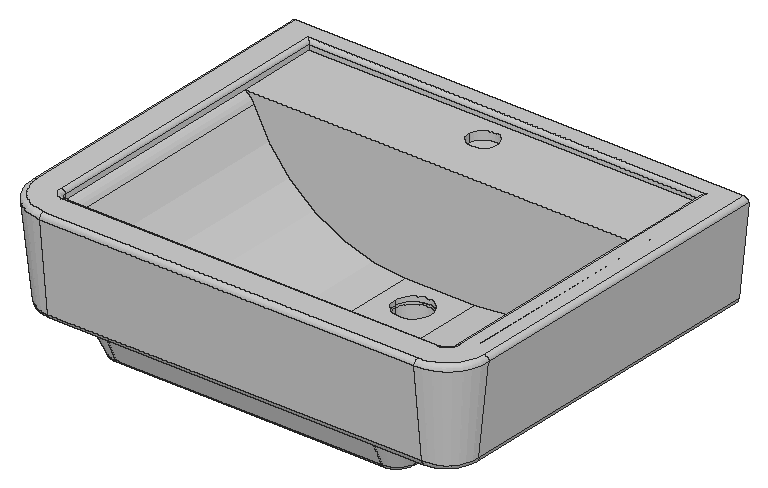
Revit family "NLRS_74_PF_UN_wastafel_S8310200000_SPHINX_BCB", category Plumbing Fixtures, Revit 2016
Family settings
  Part Type = Normal
  Round Connector Dimension = Use Radius
  OmniClass Number = 23.45.00.00
  OmniClass Title = Sanitary, Laundry, and Cleaning Equipment
  Work Plane-Based = No
  Always vertical = Yes
  Cut with Voids When Loaded = No
  Shared = No
  Room Calculation Point = No
Parameters
  NLRS_C_type = "Wastafel met kraangat en overloop"
  NLRS_C_serie = "320"
  NLRS_C_revit_versie = "2016"
  NLRS_C_content_versie = "2.0"
  NLRS_C_content_provider = "BouwConnect"
  NLRS_C_content_datum_uitgifte = "APR-2018"
  NLRS_C_content_datum_gewijzigd = "APR-2018"
  NLRS_C_content_creator = "BouwConnect"
  NLRS_C_URL_product_data = "http://www.sphinx.nl/producten/wastafels-%7C-fonteinen/wastafels/sphinx-320-%7C-wastafel-55-cm/28676/"
  afvoer_radius = 22.5 mm
  WFU = 0
  URL = "http://www.sphinx.nl/"
  Type Comments = ""
  NLRS_S_gewicht = 16.30 kg
  NLRS_C_materiaal = none
  NLRS_C_lengte = 380 mm
  NLRS_C_hoogte = 170 mm
  NLRS_C_diameter_uit = 45 mm
  NLRS_C_diameter_in = 35 mm
  NLRS_C_breedte = 500 mm
  Model = ""
  Manufacturer = "Sphinx"
  Keynote = ""
  IfcTypeProduct = "IfcSanitaryTerminalType"
  IfcExportType = "SINK"
  IfcExportAs = "IfcSanitaryTerminalTypeEnum"
  IfcElement = "IfcFlowTerminal"
  NLRS_C_code_EAN = "8711754407770"
  Description = "wastafel"
  NLRS_C_URL_BCB = "http://bcb-online.nl/?zoekterm=Sphinx+++%5bGeberit+B.V.%5d"
  Assembly Code = "47.11"
Reference planes
  plane 1 "Center (Front/Back)": y = 0
  plane 2: z = 0
  plane 3 "Center (Left/Right)": x = 0
Forms (mm)
  Sweep 1, solid, material "bcb_porselein", detail levels medium+fine
    path origin (0, 0, 0) x (1, 0, 0) y (0, 1, 0)
      loop
        line (-274.965, 0) -> (-274.965, -390)
        arc (-274.965, -390) -> (-260.321, -425.355) -> (-224.965, -440) r 50
        line (-224.965, -440) -> (225.035, -440)
        arc (225.035, -440) -> (260.39, -425.355) -> (275.035, -390) r 50
        line (275.035, -390) -> (275.035, 0)
    profile origin (-274.965, -195, 0) x (1, 0, 0) y (0, 0, 1)
      loop
        arc (6.022, 0) -> (1.76, -1.777) -> (0.023, -6.056) r 6
        arc (0.023, -6.056) -> (3.224, -60.155) -> (11.789, -113.667) r 544.353
        arc (11.789, -113.667) -> (14.579, -118.226) -> (19.616, -120.011) r 8
        line (19.616, -120.011) -> (40.016, -120.011) -> (40.016, -10) -> (30.016, -10) -> (30.016, 0) -> (6.022, 0)
  Extrusion 2, solid, material "bcb_porselein", detail levels medium+fine
    sketch origin (0, 0, 0) x (1, 0, 0) y (0, 1, 0)
      loop
        line (-234.949, -120.032) -> (235.019, -120.032) -> (235.019, 0) -> (-234.949, 0) -> (-234.949, -120.032)
    from -120.011 to -10
  Extrusion 3, void, detail levels medium+fine
    sketch origin (0, 0, 0) x (1, 0, 0) y (0, 1, 0)
      loop
        circle (0, -160) r 22.5
    from -210.292 to -76.605
  Revolve 4, solid, material "bcb_porselein", detail levels medium+fine
    sketch origin (0, -160, -24.989) x (1, 0, 0) y (0, 0, 1)
      loop
        line (-18.358, -170.011) -> (-18.358, -128.644) -> (-68.651, -128.644) -> (-43.03, -132.245)
        arc (-43.03, -132.245) -> (-37.594, -135.135) -> (-35.288, -140.843) r 9
        line (-35.288, -140.843) -> (-34.337, -168.062)
        arc (-34.337, -168.062) -> (-33.722, -169.444) -> (-32.319, -170.011) r 2.02
        line (-32.319, -170.011) -> (-18.358, -170.011)
      axis (0, -128.644) -> (0, -170.011)
    angle from 0 to 360
  Extrusion 5, solid, material "bcb_porselein", detail levels medium+fine
    sketch origin (1000, 0, 0) x (1, 0, 0) y (0, 0, 1)
      loop
        arc (-1041.839, -145.168) -> (-1151.645, -111.596) -> (-1223.906, -22.362) r 196.366
        arc (-1223.906, -22.362) -> (-1228.35, -15.218) -> (-1234.949, -10) r 24.497
        line (-1234.949, -10) -> (-1237.569, -14.836)
        arc (-1237.569, -14.836) -> (-1232.452, -18.883) -> (-1229.006, -24.422) r 18.997
        arc (-1229.006, -24.422) -> (-1154.721, -116.156) -> (-1041.839, -150.668) r 201.866
        line (-1041.839, -150.668) -> (-958.092, -150.668)
        arc (-958.092, -150.668) -> (-845.21, -116.156) -> (-770.925, -24.422) r 201.866
        arc (-770.925, -24.422) -> (-767.479, -18.883) -> (-762.361, -14.836) r 18.997
        line (-762.361, -14.836) -> (-764.981, -10)
        arc (-764.981, -10) -> (-771.58, -15.218) -> (-776.025, -22.362) r 24.497
        arc (-776.025, -22.362) -> (-848.285, -111.596) -> (-958.092, -145.168) r 196.366
        line (-958.092, -145.168) -> (-1041.839, -145.168)
    from 97 to 399.984
  Sweep 6, solid, material "bcb_porselein", detail levels medium+fine
    path origin (1000, 0, 0) x (1, 0, 0) y (0, 1, 0)
      loop
        arc (-1244.949, -390) -> (-1239.096, -404.131) -> (-1224.965, -409.984) r 19.984
        line (-1224.965, -409.984) -> (-774.965, -409.984)
        arc (-774.965, -409.984) -> (-760.835, -404.131) -> (-754.981, -390) r 19.984
        line (-754.981, -390) -> (-754.981, -13) -> (-1244.949, -13) -> (-1244.949, -390)
    profile origin (-244.949, -201.5, 0) x (-1, 0, 0) y (0, 0, 1)
      loop
        line (0, 0) -> (-5, 0)
        arc (-5, 0) -> (-8.536, -1.464) -> (-10, -5) r 5
        line (-10, -5) -> (-10, -10) -> (0, -10) -> (0, 0)
  Extrusion 7, solid, material "bcb_porselein", detail levels medium+fine
    sketch origin (0, 0, 0) x (1, 0, 0) y (0, 1, 0)
      loop
        line (-244.949, -13) -> (245.019, -13) -> (245.019, 0) -> (-244.949, 0) -> (-244.949, -13)
    from -10 to 0
  Extrusion 8, void, detail levels medium+fine
    sketch origin (-1000, 0, 0) x (1, 0, 0) y (0, 1, 0)
      loop
        circle (1000, -55.012) r 17.478
    from -20 to 10
  Extrusion 9, solid, material "bcb_porselein", detail levels medium+fine
    sketch origin (-2000, 0, 0) x (1, 0, 0) y (0, 0, 1)
      loop
        arc (1796.37, -159.429) -> (1799.106, -164.168) -> (1804.249, -166.04) r 8
        line (1804.249, -166.04) -> (1809.627, -166.04)
        arc (1809.627, -166.04) -> (1816.573, -165.432) -> (1823.308, -163.628) r 40
        line (1823.308, -163.628) -> (1825.403, -162.865)
        arc (1825.403, -162.865) -> (1832.138, -161.061) -> (1839.084, -160.453) r 40
        line (1839.084, -160.453) -> (1864.284, -160.453)
        arc (1864.284, -160.453) -> (2000.035, -153.636) -> (2135.785, -160.453) r 1355
        line (2135.785, -160.453) -> (2160.986, -160.453)
        arc (2160.986, -160.453) -> (2167.932, -161.061) -> (2174.667, -162.865) r 40
        line (2174.667, -162.865) -> (2176.762, -163.628)
        arc (2176.762, -163.628) -> (2183.496, -165.432) -> (2190.442, -166.04) r 40
        line (2190.442, -166.04) -> (2195.821, -166.04)
        arc (2195.821, -166.04) -> (2200.963, -164.168) -> (2203.699, -159.429) r 8
        line (2203.699, -159.429) -> (2210.65, -120.011) -> (1789.42, -120.011) -> (1796.37, -159.429)
    from 0 to 20
  Sweep 10, solid, material "bcb_porselein", detail levels medium+fine
    path origin (0, 1.016, 0) x (1, 0, 0) y (0, 1, 0)
      loop
        line (195.019, -21.016) -> (195.019, -386)
        arc (195.019, -386) -> (184.767, -410.749) -> (160.019, -421) r 35
        line (160.019, -421) -> (-159.949, -421)
        arc (-159.949, -421) -> (-184.698, -410.749) -> (-194.949, -386) r 35
        line (-194.949, -386) -> (-194.949, -21.016)
    profile origin (-194.949, -202.492, 0) x (-1, 0, 0) y (0, 0, 1)
      loop
        line (1.537, -120.011) -> (-20, -120.011) -> (-20, -153.633) -> (-18.919, -153.633)
        arc (-18.919, -153.633) -> (-14.889, -152.459) -> (-12.122, -149.303) r 7.5
        line (-12.122, -149.303) -> (1.537, -120.011)
  Extrusion 11, solid, material "bcb_porselein", detail levels medium+fine
    sketch origin (1005, 0, 0) x (1, 0, 0) y (0, 1, 0)
      loop
        arc (-1179.949, -384.984) -> (-1175.556, -395.59) -> (-1164.949, -399.984) r 15
        line (-1164.949, -399.984) -> (-844.981, -399.984)
        arc (-844.981, -399.984) -> (-834.375, -395.59) -> (-829.981, -384.984) r 15
        line (-829.981, -384.984) -> (-829.981, -20) -> (-1179.949, -20) -> (-1179.949, -384.984)
    from -153.633 to -150.668
  Extrusion 12, solid, material "bcb_porselein", detail levels medium+fine
    sketch origin (0, 0, 0) x (1, 0, 0) y (0, 1, 0)
      loop
        arc (-234.949, -390) -> (-232.025, -397.06) -> (-224.965, -399.984) r 9.984
        line (-224.965, -399.984) -> (-164.949, -399.984) -> (-164.949, -97.023) -> (-234.949, -97.023) -> (-234.949, -390)
    from -120.011 to -118
  Extrusion 13, solid, material "bcb_porselein", detail levels medium+fine
    sketch origin (0.069, 0, 0) x (-1, 0, 0) y (0, -1, 0)
      loop
        line (-234.949, 390) -> (-234.949, 97.023) -> (-164.949, 97.023) -> (-164.949, 399.984) -> (-224.965, 399.984)
        arc (-224.965, 399.984) -> (-232.025, 397.06) -> (-234.949, 390) r 9.984
    from -120.011 to -118
  Extrusion 14, solid, not visible, detail levels medium+fine
    sketch origin (-22.5, 0, 0) x (1, 0, 0) y (0, 1, 0)
      loop
        circle (22.5, -160) r 22.5
    from -195 to -193
  Extrusion 15, solid, material "bcb_porselein", detail levels medium+fine
    sketch origin (0, 0, 0) x (1, 0, 0) y (0, 1, 0)
      loop
        line (175.019, -20) -> (-174.949, -20) -> (-174.949, -120) -> (175.019, -120) -> (175.019, -20)
    from -150 to -90
  Extrusion 16, solid, material "bcb_porselein", detail levels coarse
    sketch origin (0, 0, 0) x (1, 0, 0) y (0, 1, 0)
      loop
        line (-274.943, 0) -> (-274.943, -390)
        arc (-274.943, -390) -> (-260.298, -425.355) -> (-224.943, -440) r 50
        line (-224.943, -440) -> (225.012, -440)
        arc (225.012, -440) -> (260.368, -425.355) -> (275.012, -390) r 50
        line (275.012, -390) -> (275.012, 0) -> (-274.943, 0)
    from -120.011 to 0
  Extrusion 17, void
    sketch origin (0, 0, 0) x (1, 0, 0) y (0, 1, 0)
      loop
        line (-234.949, -120.032) -> (-234.949, -390.032)
        arc (-234.949, -390.032) -> (-232.02, -397.103) -> (-224.949, -400.032) r 10
        line (-224.949, -400.032) -> (225.019, -400.032)
        arc (225.019, -400.032) -> (232.09, -397.103) -> (235.019, -390.032) r 10
        line (235.019, -390.032) -> (235.019, -120.032) -> (-234.949, -120.032)
    from -100 to 10
Cuts and joins
  Extrusion 3 cuts Sweep 1
  Extrusion 3, Extrusion 8 cuts Extrusion 2
  Extrusion 3 cuts Extrusion 7
  Extrusion 3 cuts Extrusion 9
  Extrusion 3 cuts Extrusion 12
  Extrusion 3 cuts Extrusion 13
  joined: Sweep 1, Extrusion 2, Sweep 6, Extrusion 7, Extrusion 9, Extrusion 12, Extrusion 13, Extrusion 15
  Extrusion 3 cuts Revolve 4
  Extrusion 3 cuts Extrusion 5
  Extrusion 3 cuts Sweep 10
  Extrusion 3 cuts Extrusion 11
  joined: Sweep 10, Extrusion 11
  Extrusion 17 cuts Extrusion 16
Dimensions and locks
  aligned and locked: level to plane 2
Connectors
  piping at (0, -160, -195), diameter 45, driven by "WFU", driven by "afvoer_radius"
    settings: on cut or joined group of Extrusion 3, Revolve 4, index 1, connector inside diameter 45 mm, connector length 0 mm, flow factor 0, pipe flow 0.0 L/s, pressure drop 0.0 Pa, fitting loss kfactor 0, connector angle 0.00°, fixture units 0, engagement length 0 mm, angle of deflection 0.00°, flow configuration 3, flow direction 2, fitting loss method 0, system type 16, joint type 0, gender type 0, connector reference index -1, connector utility 0, adjustable connector no, is connector primary yes, connector description "out"
